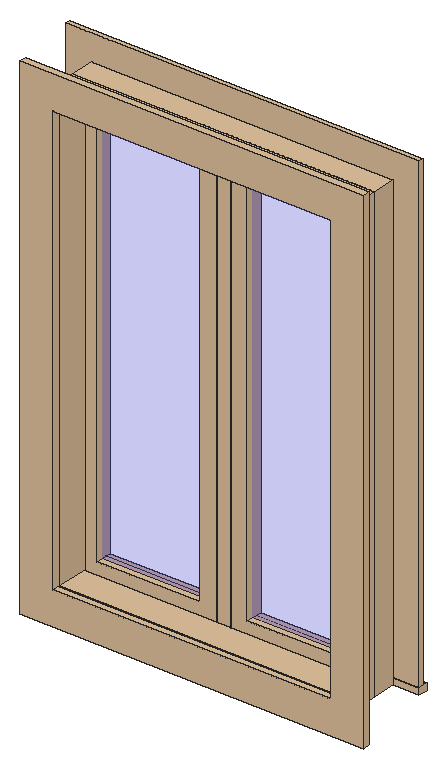
Revit family
Parameters (values of type "0812 x 1220mm")
  유리 창 재료 = 유리
  Height = 1220.00 mm
  섀시 = 섀시
  기본 씰 높이 = 915.00 mm
  자르기 외부 재료 = 자르기
  자르기 내부 재료 = 자르기
  자르기 투영 - 외부 = 13.00 mm
  자르기 투영 - 내부 = 19.00 mm
  자르기 폭 - 외부 = 89.00 mm
  자르기 폭 - 내부 = 89.00 mm
  Wall Closure = (empty or 0)
  Width = 812.00 mm
  창 인세트 = 19.00 mm
Types (4, lengths in mm): name | Height | 기본 씰 높이 | Width
  (no name) | 1220.00 | 915.00 | 812.00
  1220 x 1220mm | 1220.00 | 915.00 | 1220.00
  1830 x 0915mm | 915.00 | 1220.00 | 1830.00
  0812 x 1220mm | 1220.00 | 915.00 | 812.00
Reference planes
  plane 1: y = 0
  plane 2: z = 0
  plane 3 "중심": x = 0
  plane 4 "왼쪽": x = -406
  plane 5 "오른쪽": x = 406
  plane 6 "씰": z = 915
  plane 7 "상단": z = 2135
  plane 8: y = 95.25
  plane 9: y = -57.15
  plane 10: y = 76.25
  plane 11 "상단": z = 1525
  plane 12: x = -374.25
  plane 13: x = -475.95
  plane 14: x = -463.25
  plane 15: x = 374.25
  plane 16: x = 475.95
  plane 17: x = 463.25
  plane 18: x = 386.95
  plane 19: x = -386.95
  plane 20: z = 2204.95
  plane 21: z = 2192.25
  plane 22: z = 2115.95
  plane 23: z = 2103.25
  plane 24: z = 946.75
  plane 25: z = 857.75
  plane 26 "마무리": y = 46.8
Forms (mm)
  Extrusion 1, solid, material "자르기" <- "자르기 외부 재료"
    sketch origin (0, 0, 0) x (1, 0, 0) y (0, 0, 1)
      loop
        line (-406, 2135) -> (-406, 915) -> (406, 915) -> (406, 2135) -> (-406, 2135)
      loop
        line (-386.95, 2115.95) -> (-386.95, 934.05) -> (386.95, 934.05) -> (386.95, 2115.95) -> (-386.95, 2115.95)
    from -95.25 to -31.8
  Extrusion 2, solid, material "자르기" <- "자르기 내부 재료"
    sketch origin (0, 0, 0) x (-1, 0, 0) y (0, 0, 1)
      loop
        line (-406, 2135) -> (-406, 915) -> (406, 915) -> (406, 2135) -> (-406, 2135)
      loop
        line (-374.25, 2103.25) -> (-374.25, 946.75) -> (374.25, 946.75) -> (374.25, 2103.25) -> (-374.25, 2103.25)
    from 31.8 to -57.15
  Extrusion 3, solid, material "섀시" <- "섀시"
    sketch origin (0, 0, 0) x (-1, 0, 0) y (0, 0, 1)
      loop
        line (19.05, 2115.95) -> (19.05, 934.05) -> (386.95, 934.05) -> (386.95, 2115.95) -> (19.05, 2115.95)
      loop
        line (63.5, 2071.5) -> (63.5, 978.5) -> (342.5, 978.5) -> (342.5, 2071.5) -> (63.5, 2071.5)
    from 31.8 to 76.25
  Extrusion 4, solid, material "유리" <- "유리 창 재료"
    sketch origin (-124.971, 0, -117.036) x (1, 0, 0) y (0, 0, 1)
      loop
        line (-217.529, 2188.536) -> (-217.529, 1095.536) -> (61.471, 1095.536) -> (61.471, 2188.536) -> (-217.529, 2188.536)
    from -60.375 to -47.675
  Extrusion 5, solid, material "자르기" <- "자르기 내부 재료"
    sketch origin (0, 0, 0) x (1, 0, 0) y (0, 0, 1)
      loop
        line (-374.25, 2103.25) -> (-374.25, 946.75) -> (374.25, 946.75) -> (374.25, 2103.25) -> (-374.25, 2103.25)
      loop
        line (-463.25, 2192.25) -> (-463.25, 857.75) -> (463.25, 857.75) -> (463.25, 2192.25) -> (-463.25, 2192.25)
    from 57.15 to 76.15
  Extrusion 6, solid, material "자르기" <- "자르기 외부 재료"
    sketch origin (0, 0, 0) x (-1, 0, 0) y (0, 0, 1)
      loop
        line (-386.95, 2115.95) -> (386.95, 2115.95) -> (386.95, 934.05) -> (475.95, 934.05) -> (475.95, 2204.95) -> (-475.95, 2204.95) -> (-475.95, 934.05) -> (-386.95, 934.05) -> (-386.95, 2115.95)
    from 95.25 to 108.25
  Extrusion 7, solid, material "자르기" <- "자르기 외부 재료"
    sketch origin (0, 0, 0) x (-1, 0, 0) y (0, 0, 1)
      loop
        line (-475.95, 934.05) -> (-475.95, 915) -> (475.95, 915) -> (475.95, 934.05) -> (-475.95, 934.05)
    from 95.25 to 120.95
  Extrusion 8, solid, material "자르기" <- "자르기 외부 재료"
    sketch origin (0, 0, 0) x (1, 0, 0) y (0, 0, 1)
      loop
        line (-19.05, 2115.95) -> (-19.05, 934.05) -> (19.05, 934.05) -> (19.05, 2115.95) -> (-19.05, 2115.95)
    from -95.3 to -31.8
  Extrusion 9, solid, material "섀시" <- "섀시"
    sketch origin (0, 0, 0) x (-1, 0, 0) y (0, 0, 1)
      loop
        line (-386.95, 2115.95) -> (-386.95, 934.05) -> (-19.05, 934.05) -> (-19.05, 2115.95) -> (-386.95, 2115.95)
      loop
        line (-342.5, 2071.5) -> (-342.5, 978.5) -> (-63.5, 978.5) -> (-63.5, 2071.5) -> (-342.5, 2071.5)
    from 31.8 to 76.25
  Extrusion 10, solid, material "유리" <- "유리 창 재료"
    sketch origin (0, 0, 0) x (-1, 0, 0) y (0, 0, 1)
      loop
        line (-342.5, 2071.5) -> (-342.5, 978.5) -> (-63.5, 978.5) -> (-63.5, 2071.5) -> (-342.5, 2071.5)
    from 47.675 to 60.375
Lines and regions (mm)
  Opening 1
    outline origin (-1524, -57.15, 0) x (1, 0, 0) y (0, 0, 1)
      loop
        line (1118, 2135) -> (1118, 915) -> (1930, 915) -> (1930, 2135) -> (1118, 2135)
  symbolic lines, style "WindowsFrameMullionProjection"
    curve 1: line (-406, 95.25, 0) -> (-386.95, 95.25, 0)
    curve 2: line (-386.95, 31.8, 0) -> (-386.95, 95.25, 0)
    curve 3: line (-386.95, 31.8, 0) -> (-374.25, 31.8, 0)
    curve 4: line (-374.25, -57.15, 0) -> (-374.25, 31.8, 0)
    curve 5: line (406, 95.25, 0) -> (386.95, 95.25, 0)
    curve 6: line (374.25, 31.8, 0) -> (374.25, -57.15, 0)
    curve 7: line (386.95, 31.8, 0) -> (386.95, 95.25, 0)
    curve 8: line (-386.95, 76.25, 0) -> (-342.5, 76.25, 0)
    curve 9: line (-386.95, 76.25, 0) -> (-386.95, 31.8, 0)
    curve 10: line (-386.95, 31.8, 0) -> (-342.5, 31.8, 0)
    curve 11: line (-342.5, 76.25, 0) -> (-342.5, 31.8, 0)
    curve 12: line (386.95, 76.25, 0) -> (342.5, 76.25, 0)
    curve 13: line (386.95, 76.25, 0) -> (386.95, 31.8, 0)
    curve 14: line (386.95, 31.8, 0) -> (342.5, 31.8, 0)
    curve 15: line (342.5, 76.25, 0) -> (342.5, 31.8, 0)
    curve 21: line (-374.25, -57.15, 0) -> (-406, -57.15, 0)
    curve 22: line (374.25, -57.15, 0) -> (406, -57.15, 0)
    curve 27: line (-19.05, 95.3, 0) -> (19.05, 95.3, 0)
    curve 28: line (-19.05, 95.3, 0) -> (-19.05, 31.8, 0)
    curve 29: line (-19.05, 31.8, 0) -> (19.05, 31.8, 0)
    curve 30: line (19.05, 95.3, 0) -> (19.05, 31.8, 0)
    curve 31: line (-63.5, 76.25, 0) -> (-19.05, 76.25, 0)
    curve 32: line (-63.5, 76.25, 0) -> (-63.5, 31.8, 0)
    curve 33: line (-63.5, 31.8, 0) -> (-19.05, 31.8, 0)
    curve 34: line (-19.05, 76.25, 0) -> (-19.05, 31.8, 0)
    curve 35: line (63.5, 76.25, 0) -> (19.05, 76.25, 0)
    curve 36: line (63.5, 76.25, 0) -> (63.5, 31.8, 0)
    curve 37: line (63.5, 31.8, 0) -> (19.05, 31.8, 0)
    curve 38: line (19.05, 76.25, 0) -> (19.05, 31.8, 0)
  symbolic lines, style "WindowsGlassProjection"
    curve 16: line (-342.5, 54.025, 0) -> (-63.5, 54.025, 0)
    curve 39: line (63.5, 54.025, 0) -> (342.5, 54.025, 0)
  symbolic lines, style "입면도 스윙"
    curve 17: line (342.5, 76.25, 1521.672) -> (63.5, 76.25, 2071.5)
    curve 18: line (342.5, 76.25, 1521.672) -> (63.5, 76.25, 978.5)
    curve 19: line (63.5, 31.8, 978.5) -> (342.5, 31.8, 1521.672)
    curve 20: line (342.5, 31.8, 1521.672) -> (63.5, 31.8, 2071.5)
    curve 23: line (-63.5, 76.25, 2071.5) -> (-342.5, 76.25, 1528.328)
    curve 24: line (-342.5, 76.25, 1528.328) -> (-63.5, 76.25, 978.5)
    curve 25: line (-63.5, 31.8, 2071.5) -> (-342.5, 31.8, 1528.328)
    curve 26: line (-342.5, 31.8, 1528.328) -> (-63.5, 31.8, 978.5)
Text (mm)
  text "외부" at (-1437.207, 772.553, 0), in view "바닥 선"
  text "내부" at (-1490.695, -586.534, 0), in view "바닥 선"
  text "외부" at (0, 1108.87, 3415.022), in view "왼쪽"
  text "외부" at (0, 464.664, 3176.206), in view "오른쪽"
Dimensions and locks
  equal spacing: plane 4 "왼쪽", plane 3 "중심", plane 5 "오른쪽"
  "Width": plane 4 "왼쪽" to plane 5 "오른쪽"
  plane 2 to plane 25 to plane 6 "씰" to plane 11 "상단" to plane 7 "상단" = 857.75 mm, 57.25 mm, 610.00 mm, 610.00 mm
  "창 인세트": plane 8 to plane 10
  locked: plane 10 to Extrusion 3 at 44.45
  locked: plane 10 to Extrusion 4 at 15.875
  locked: Extrusion 4 to Extrusion 4 at 12.7
  "자르기 투영 - 내부": Extrusion 5 to Extrusion 5
  equal spacing: plane 6 "씰", plane 11 "상단", plane 7 "상단"
  locked: Extrusion 7 to Extrusion 6 at 12.7
  "자르기 투영 - 외부": Extrusion 6 to Extrusion 6
  locked: Extrusion 10 to Extrusion 9 at 15.875
  locked: Extrusion 10 to Extrusion 10 at 12.7
  locked: Extrusion 9 to Extrusion 8 at 19.05
  locked: plane 4 "왼쪽" to plane 19 at 19.05
  locked: plane 18 to plane 5 "오른쪽" at 19.05
  locked: plane 15 to plane 5 "오른쪽" at 31.75
  locked: plane 4 "왼쪽" to plane 12 at 31.75
  locked: plane 22 to plane 7 "상단" at 19.05
  "자르기 폭 - 외부": plane 22 to plane 20
  "자르기 폭 - 외부": plane 18 to plane 16
  "자르기 폭 - 외부": plane 13 to plane 19
  locked: plane 7 "상단" to plane 23 at 31.75
  locked: plane 24 to plane 6 "씰" at 31.75
  "자르기 폭 - 내부": plane 21 to plane 23
  "자르기 폭 - 내부": plane 24 to plane 25
  "자르기 폭 - 내부": plane 14 to plane 12
  "자르기 폭 - 내부": plane 15 to plane 17
  locked: Extrusion 7 sketch curve to Extrusion 7 sketch curve at 19.05
  "Height": plane 7 "상단" to plane 6 "씰"
  "기본 씰 높이": plane 6 "씰" to plane 2
  locked: plane 26 "마무리" to plane 8 at 48.45
  aligned and locked: plane 7 "상단" to Opening 1 sketch curve
  aligned and locked: plane 6 "씰" to Opening 1 sketch curve  (x2)
  aligned and locked: plane 5 "오른쪽" to Opening 1 sketch curve
  aligned and locked: plane 4 "왼쪽" to Opening 1 sketch curve
  aligned and locked: plane 9 to host wall
  aligned and locked: host wall to Extrusion 2
  aligned and locked: plane 10 to Extrusion 3
  aligned and locked: plane 8 to host wall
  aligned and locked: host wall to Extrusion 1
  aligned and locked: Extrusion 2 to Extrusion 1
  aligned and locked: Extrusion 1 to Extrusion 3
  aligned and locked: Extrusion 4 sketch curve to Extrusion 3  (x4)
  aligned and locked: Extrusion 1 to curve 10
  aligned and locked: Extrusion 5 sketch curve to Extrusion 2  (x4)
  aligned and locked: Extrusion 5 to host wall
  aligned and locked: Extrusion 7 sketch curve to Extrusion 6  (x2)
  aligned and locked: Extrusion 6 to host wall
  aligned and locked: Extrusion 7 to host wall
  aligned and locked: Extrusion 1 to Extrusion 8 sketch curve  (x2)
  aligned and locked: Extrusion 3 sketch curve to Extrusion 8
  aligned and locked: Extrusion 9 sketch curve to Extrusion 1  (x2)
  aligned and locked: Extrusion 9 sketch curve to Extrusion 8  (x2)
  aligned and locked: Extrusion 1 to Extrusion 8
  aligned and locked: Extrusion 9 to Extrusion 3
  aligned and locked: Extrusion 1 to Extrusion 9
  aligned and locked: Extrusion 10 sketch curve to Extrusion 9  (x4)
  aligned and locked: Extrusion 4 to Extrusion 10
  aligned and locked: curve 19 to Extrusion 9
  aligned and locked: Extrusion 9 to curve 19
  aligned and locked: Extrusion 3 to curve 23
  aligned and locked: curve 23 to Extrusion 3
  aligned and locked: curve 24 to Extrusion 3
  aligned and locked: curve 27 to Extrusion 8  (x2)
  aligned and locked: curve 30 to Extrusion 8  (x2)
  aligned and locked: curve 16 to curve 39
  aligned and locked: curve 15 to Extrusion 9
  aligned and locked: Extrusion 1 to curve 13
  aligned and locked: Extrusion 2 to curve 6
  aligned and locked: curve 7 to Extrusion 1
  aligned and locked: Extrusion 2 to curve 22
  aligned and locked: curve 11 to Extrusion 3
  aligned and locked: curve 9 to Extrusion 3
  aligned and locked: curve 2 to Extrusion 1
  aligned and locked: curve 1 to Extrusion 1
  aligned and locked: curve 14 to Extrusion 1
Automatic sketch dimensions
  Extrusion 1 sketch curve to plane 4 "왼쪽" = 0.00 mm
  Extrusion 1 sketch curve to plane 5 "오른쪽" = 0.00 mm
  Extrusion 1 sketch curve to plane 4 "왼쪽" = 19.05 mm
  plane 5 "오른쪽" to Extrusion 1 sketch curve = 19.05 mm
  Extrusion 1 sketch curve to plane 6 "씰" = 0.00 mm
  Extrusion 1 sketch curve to plane 7 "상단" = 0.00 mm
  Extrusion 1 sketch curve to plane 6 "씰" = 19.05 mm
  plane 7 "상단" to Extrusion 1 sketch curve = 19.05 mm
  Extrusion 2 sketch curve to plane 5 "오른쪽" = 0.00 mm
  Extrusion 2 sketch curve to plane 4 "왼쪽" = 0.00 mm
  plane 5 "오른쪽" to Extrusion 2 sketch curve = 31.75 mm
  Extrusion 2 sketch curve to plane 4 "왼쪽" = 31.75 mm
  Extrusion 2 sketch curve to plane 6 "씰" = 0.00 mm
  Extrusion 2 sketch curve to plane 7 "상단" = 0.00 mm
  Extrusion 2 sketch curve to plane 6 "씰" = 31.75 mm
  plane 7 "상단" to Extrusion 2 sketch curve = 31.75 mm
  Extrusion 8 sketch curve to plane 3 "중심" = 19.05 mm
  plane 3 "중심" to Extrusion 8 sketch curve = 19.05 mm
  Extrusion 3 sketch curve to Extrusion 3 sketch curve = 44.45 mm  (x2)
  Extrusion 3 sketch curve to plane 4 "왼쪽" = 63.50 mm
  Extrusion 3 sketch curve to plane 4 "왼쪽" = 19.05 mm
  Extrusion 3 sketch curve to plane 6 "씰" = 19.05 mm
  plane 7 "상단" to Extrusion 3 sketch curve = 63.50 mm
  plane 7 "상단" to Extrusion 3 sketch curve = 19.05 mm
  plane 5 "오른쪽" to Extrusion 9 sketch curve = 63.50 mm
  plane 3 "중심" to Extrusion 9 sketch curve = 63.50 mm
  Extrusion 9 sketch curve to plane 6 "씰" = 63.50 mm
  plane 7 "상단" to Extrusion 9 sketch curve = 63.50 mm
  curve 1 to plane 4 "왼쪽" = 0.00 mm
  curve 21 to plane 4 "왼쪽" = 0.00 mm
  curve 4 to plane 9 = 0.00 mm
  curve 32 to plane 10 = 0.00 mm
  curve 36 to plane 10 = 0.00 mm
  curve 22 to plane 5 "오른쪽" = 0.00 mm
  curve 5 to plane 5 "오른쪽" = 0.00 mm
  curve 2 to curve 3 = 12.70 mm
  curve 16 to curve 33 = 44.45 mm
  curve 37 to curve 39 = 44.45 mm
  curve 15 to plane 10 = 0.00 mm
  curve 8 to plane 10 = 0.00 mm
  curve 7 to plane 8 = 0.00 mm
  curve 6 to curve 39 = 22.225 mm
  curve 23 to plane 3 "중심" = 63.50 mm
  plane 7 "상단" to curve 17 = 63.50 mm
  curve 25 to curve 23 = 0.00 mm  (x2)
  curve 20 to curve 17 = 0.00 mm
  curve 23 to plane 11 "상단" = 3.328 mm
  curve 26 to curve 23 = 0.00 mm  (x2)
  plane 11 "상단" to curve 18 = 3.328 mm
  curve 19 to curve 17 = 0.00 mm
  curve 18 to plane 6 "씰" = 63.50 mm
  plane 3 "중심" to curve 19 = 63.50 mm
  curve 24 to plane 3 "중심" = 63.50 mm
  curve 26 to curve 24 = 0.00 mm  (x2)
  plane 3 "중심" to curve 20 = 63.50 mm
  curve 18 to curve 19 = 0.00 mm  (x2)
  curve 17 to curve 20 = 0.00 mm
  Extrusion 7 sketch curve to plane 13 = 0.00 mm
  Extrusion 5 sketch curve to plane 14 = 0.00 mm
  Extrusion 5 sketch curve to plane 17 = 0.00 mm
  Extrusion 5 sketch curve to plane 25 = 0.00 mm
  Extrusion 5 sketch curve to plane 21 = 0.00 mm
  Extrusion 6 sketch curve to plane 16 = 0.00 mm
  Extrusion 6 sketch curve to plane 18 = 0.00 mm
  Extrusion 6 sketch curve to plane 19 = 0.00 mm
  Extrusion 6 sketch curve to plane 13 = 0.00 mm
  Extrusion 6 sketch curve to plane 22 = 0.00 mm
  Extrusion 6 sketch curve to plane 20 = 0.00 mm
  Extrusion 6 sketch curve to plane 6 "씰" = 19.05 mm  (x2)
